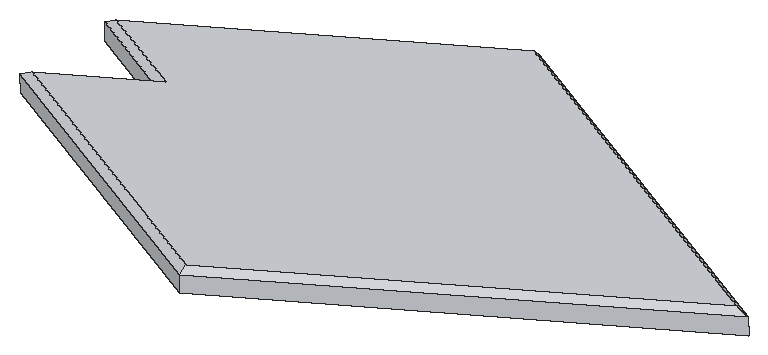
Revit family "J2 PET Felt Scale Tile", category Generic Models, host Face, Revit 2022
Family settings
  Host = Face
  Can host rebar = No
  Round Connector Dimension = Use Diameter
  Part Type = Normal
  Cut with Voids When Loaded = No
  Maintain Annotation Orientation = No
  Shared = No
  Room Calculation Point = No
Parameters
  URL = "https://www.j2systems.net/"
  Symbol Name = "FTSC12"  # constant formula
  Style Number = "FTSC12"  # constant formula
  Release Date = "2019"  # constant formula
  Product Line = "Tile"  # constant formula
  Model = "Scale"  # constant formula
  Manufacturer = "J2 Systems"  # constant formula
  Felt color = none
  Default Elevation = 4' - 0"
  Beveled edges = yes
Reference planes (in)
  plane 1 "Center (Front/Back)": y = 0
  plane 2: z = 0
  plane 3 "Center (Left/Right)": x = 0
Forms (in)
  Extrusion 1, solid, material <- "Felt color"
    sketch origin (0, 0, 0) x (1, 0, 0) y (0, 1, 0)
      loop
        line (0, 0) -> (-8.66025, 5) -> (-15.28044, 1.17783) -> (-13.24038, 0) -> (-15.28044, -1.17783) -> (-8.66025, -5) -> (0, 0)
    from 0 to 0.5
  Sweep 2, void
    path origin (0, 0, 0) x (0.866025, 0.5, 0) y (-0.5, 0.866025, 0)
      loop
        line (-10, 0) -> (0, 0) -> (-5, 8.66025) -> (-12.64434, 8.66025) -> (-11.46651, 6.62019) -> (-13.82217, 6.62019) -> (-10, 0)
    profile origin (-4.33013, -2.5, 0) x (-0.5, 0.866025, 0) y (0, 0, 1)
      loop
        line (0, 0.5) -> (0, 0.375) -> (0.125, 0.5) -> (0, 0.5)
Cuts and joins
  Sweep 2 cuts Extrusion 1
Dimensions and locks (in)
  aligned and locked: plane 2 to host face
  aligned and locked: level to host face
